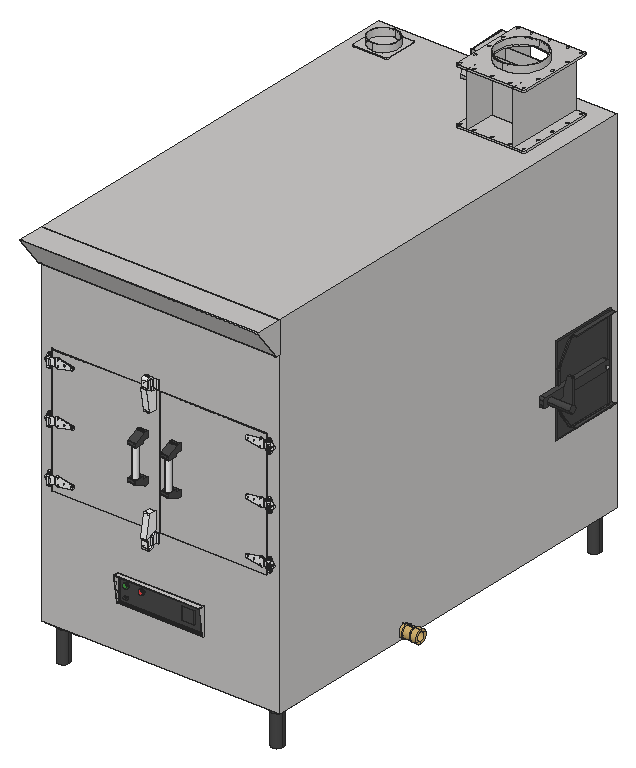
Revit family "QF_Southern Pride_SPK-1400", category Specialty Equipment, Revit 2019
Family settings
  Round Connector Dimension = Use Diameter
  Part Type = Normal
  OmniClass Number = 23.40.40.00
  OmniClass Title = Food Service Equipment and Furnishings
  Work Plane-Based = No
  Always vertical = Yes
  Cut with Voids When Loaded = No
  Shared = No
  Room Calculation Point = No
Parameters
  Width = 52.500"  # constant formula
  Weight in Pounds = 2400
  Watermarked By = ""
  Waste Water Discharge Temperature [instance] = -459.67 °F
  Volts = 120 V
  URL Cutsheet = "https://www.southernpride.com/assets/uploads/Current%20Spec%20Sheets/2016_SPK-1400_Spec%20Sheet%20120v_V3.pdf"
  URL = "www.southernpride.com"
  Status [instance] = ""
  Specification by User [instance] = ""
  Specification by Manufacturer [instance] = ""
  Show Clearance [instance] = yes
  Serial Number [instance] = ""
  Revision Code [instance] = ""
  Plumbing Remarks [instance] = ""
  Plumbing Connection Type = ""
  Phase = 1
  Optional Smoke Extractor Damper [instance] = yes
  Number of Poles [instance] = 1
  NAFEM Spec ID Number [instance] = ""
  Model = "SPK-1400"
  Mechanical Remarks [instance] = ""
  Mechanical Connection Type [instance] = ""
  Masterspec [instance] = ""
  Manufacturer = "Southern Pride"  # constant formula
  Leg Height = 8.250"  # constant formula
  Item Number [instance] = "-"
  Installed By [instance] = ""
  Indirect Waste Size = 2"
  Indirect Waste Flow [instance] = 0 GPM
  Indirect Waste Connection Type = ""
  Indirect Waste Connection Height = 9.875"
  Gas Size = 1/2"
  Gas RI Height [instance] = 0.000"
  Gas KW = 44
  Gas Input = 150000.0 Btu/h
  Gas Connection Height = 29.250"
  Furnished By [instance] = ""
  Foodservice Equipment Identifier = yes
  FL Amps = 15 A
  Electrical Remarks [instance] = ""
  Electric Connection Type = ""
  Elec Conn RI Height [instance] = 0.000"
  Elec Conn Connection Height = 47.125"
  Door Width = 47.188"  # constant formula
  Door Height = 27.875"  # constant formula
  Description = "Rotisserie Smoker, Gas-Fired Wood Burning"
  Depth = 92.750"  # constant formula
  Cycle = 60 Hz
  Contetn Creator URL = "http://foodeqsym.com/"
  Content Creator = "Foodservice Equipment Symbols, LLC"  # constant formula
  Content Created = "01/04/2023"  # constant formula
  Conn Plug = "NEMA 5-15P"
  CSI MasterFormat = "11 44 00"
  Box Height = 77.750"  # constant formula
  Assembly Code = "E1090320"
  Apparent Power = if(Phase = 3, Volts * FL Amps * 1.73, Volts * FL Amps)  # 1800 VA
Reference planes
  plane 1 "BACK": y = 0
  plane 2: z = 0
  plane 3 "LEFT": x = -747.794
  plane 4 "RIGHT": x = 963.531
  plane 5 "TOP": z = 2184.4
  plane 6 "Box Left": x = -369.969
  plane 7 "Firebox Handle Right": x = 1134.981
  plane 8 "Box Front": y = -2355.85
  plane 9 "Box Bottom": z = 209.55
  plane 10 "Vent Top": z = 2222.5
  plane 11 "Door Bottom": z = 882.65
  plane 12 "Door Top": z = 1590.675
  plane 13 "Door Left": x = -306.469
  plane 14 "Door Right": x = 892.106
  plane 15 "Door Back": y = -2330.45
  plane 16 "Center LR": x = 296.781
  plane 17 "Control Panel Left": x = 55.481
  plane 18 "Control Panel Right": x = 538.081
  plane 19 "Control Panel Left Inside": x = 58.656
  plane 20 "Control Panel Right Inside": x = 534.906
  plane 21 "Drain CL FB": y = -1492.25
  plane 22 "Gas Connection CL Elev": z = 742.95
  plane 23 "Gas Connection to Box": z = 925.512
  plane 24 "Gas Connection Bottom": z = 652.462
  plane 25 "Drain CL Elev": z = 250.825
  plane 26 "FRONT": y = -2505.075
  plane 27 "Rear Clearance": y = 457.2
  plane 28 "Front Clearance": y = -3575.05
  plane 29 "Top Clearance": z = 2641.6
  plane 30 "Gearbox Clearance": x = -827.169
  plane 31 "Firebox Side Clearance": x = 1573.131
  plane 32 "Control Panel Bottom": z = 447.675
  plane 33 "Control Panel Top": z = 600.075
  plane 34 "Access Back": y = 228.6
  plane 35 "Left Back": y = -22.225
  plane 36 "Left Middle Back": y = -657.225
  plane 37 "Left Middle Front": y = -1177.925
  plane 38 "Left Front": y = -1685.925
  plane 39 "Gas Connection CL LR": x = -576.344
  plane 40 "Electric CL Elev": z = 1196.975
  plane 41 "Fan Access Top": z = 1911.35
  plane 42 "Fan Access Bottom": z = 1435.1
Forms (mm)
  Extrusion 1, solid, material "QF_Stainless-Polished"
    sketch origin (0, 0, 0) x (1, 0, 0) y (0, 0, 1)
      loop
        line (-369.969, 2184.4) -> (-369.969, 209.55) -> (963.531, 209.55) -> (963.531, 2184.4) -> (-369.969, 2184.4)
    from 0 to 2355.85
  Extrusion 2, void
    sketch origin (0, -2330.45, 0) x (1, 0, 0) y (0, 0, 1)
      loop
        line (-311.245, 1595.45) -> (-311.245, 877.875) -> (896.881, 877.875) -> (896.881, 1595.45) -> (-311.245, 1595.45)
    from 0 to 25.4
  Extrusion 3, solid, material "QF_Stainless-Polished"
    sketch origin (-747.794, 0, 0) x (0, 1, 0) y (0, 0, 1)
      loop
        line (-22.225, 1336.675) -> (-657.225, 1336.675) -> (-657.225, 752.475) -> (-22.225, 752.475) -> (-22.225, 1336.675)
      loop
        line (-25.4, 1333.5) -> (-654.05, 1333.5) -> (-654.05, 755.65) -> (-25.4, 755.65) -> (-25.4, 1333.5)
      loop
        line (-1177.925, 1597.025) -> (-1685.925, 1597.025) -> (-1685.925, 1012.825) -> (-1177.925, 1012.825) -> (-1177.925, 1597.025)
      loop
        line (-1181.1, 1593.85) -> (-1682.75, 1593.85) -> (-1682.75, 1016) -> (-1181.1, 1016) -> (-1181.1, 1593.85)
    from 0 to 377.825
  Extrusion 4, solid, material "QF_Stainless-Polished"
    sketch origin (0, 0, 2184.4) x (0, 1, 0) y (-1, 0, 0)
      loop
        circle (-149.225, 220.744) r 79.375
      loop
        line (-50.8, 135.019) -> (-50.8, 306.469)
        arc (-50.8, 306.469) -> (-54.52, 315.45) -> (-63.5, 319.169) r 12.7
        line (-63.5, 319.169) -> (-234.95, 319.169)
        arc (-234.95, 319.169) -> (-243.93, 315.45) -> (-247.65, 306.469) r 12.7
        line (-247.65, 306.469) -> (-247.65, 135.019)
        arc (-247.65, 135.019) -> (-243.93, 126.039) -> (-234.95, 122.319) r 12.7
        line (-234.95, 122.319) -> (-63.5, 122.319)
        arc (-63.5, 122.319) -> (-54.52, 126.039) -> (-50.8, 135.019) r 12.7
    from 0 to 1.6
  Extrusion 5, solid, material "QF_Stainless-Polished"
    sketch origin (0, 0, 2184.4) x (0, 1, 0) y (-1, 0, 0)
      loop
        circle (-149.225, 220.744) r 79.375
      loop
        circle (-149.225, 220.744) r 76.2
    from 0 to 38.1
  Extrusion 6, solid, material "QF_Stainless-Polished"
    sketch origin (55.481, 0, 0) x (0, 1, 0) y (0, 0, 1)
      loop
        line (-2355.85, 447.675) -> (-2355.85, 596.9) -> (-2376.981, 596.9)
        arc (-2376.981, 596.9) -> (-2381.812, 594.671) -> (-2383.252, 589.549) r 6.35
        line (-2383.252, 589.549) -> (-2360.613, 447.675) -> (-2355.85, 447.675)
    from 0 to 3.175
  Extrusion 7, solid, material "QF_Stainless-Polished"
    sketch origin (534.906, 0, 0) x (0, 1, 0) y (0, 0, 1)
      loop
        line (-2355.85, 596.9) -> (-2376.981, 596.9)
        arc (-2376.981, 596.9) -> (-2381.812, 594.671) -> (-2383.252, 589.549) r 6.35
        line (-2383.252, 589.549) -> (-2360.613, 447.675) -> (-2355.85, 447.675) -> (-2355.85, 596.9)
    from 0 to 3.175
  Extrusion 8, solid, material "QF_Stainless-Polished"
    sketch origin (58.656, 0, 0) x (0, 1, 0) y (0, 0, 1)
      loop
        line (-2355.85, 447.675) -> (-2355.85, 600.075) -> (-2386.013, 600.075) -> (-2386.013, 598.487) -> (-2357.438, 598.487) -> (-2357.438, 447.675) -> (-2355.85, 447.675)
    from 0 to 476.25
  Extrusion 9, solid, material "QF_Plastic-Orange"
    sketch origin (0, -2355.85, 0) x (1, 0, 0) y (0, 0, 1)
      loop
        line (65.006, 587.375) -> (65.006, 460.375) -> (528.556, 460.375) -> (528.556, 587.375) -> (65.006, 587.375)
      loop
        line (68.181, 584.2) -> (68.181, 463.55) -> (525.381, 463.55) -> (525.381, 584.2) -> (68.181, 584.2)
    from 1.587 to 3.175
  Extrusion 10, solid, material "QF_Plastic-Black-Matte"
    sketch origin (0, -2355.85, 0) x (1, 0, 0) y (0, 0, 1)
      loop
        line (65.006, 587.375) -> (65.006, 460.375) -> (528.556, 460.375) -> (528.556, 587.375) -> (65.006, 587.375)
      loop
        line (68.181, 584.2) -> (68.181, 463.55) -> (525.381, 463.55) -> (525.381, 584.2) -> (68.181, 584.2)
      loop
        line (61.831, 590.55) -> (61.831, 457.2) -> (531.731, 457.2) -> (531.731, 590.55) -> (61.831, 590.55)
      loop
        circle (106.281, 552.45) r 11.113
      loop
        circle (193.593, 552.45) r 11.113
      loop
        line (99.931, 485.775) -> (112.631, 485.775)
        arc (112.631, 485.775) -> (115.806, 492.125) -> (112.631, 498.475) r 7.938
        line (112.631, 498.475) -> (99.931, 498.475)
        arc (99.931, 498.475) -> (96.756, 492.125) -> (99.931, 485.775) r 7.938
      loop
        line (488.868, 561.975) -> (417.431, 561.975) -> (417.431, 492.125) -> (488.868, 492.125) -> (488.868, 561.975)
    from 1.6 to 3.175
  Extrusion 11, solid, material "QF_Plastic-Black-Fine Textured"
    sketch origin (0, -2355.85, 0) x (1, 0, 0) y (0, 0, 1)
      loop
        line (417.431, 561.975) -> (417.431, 492.125) -> (488.868, 492.125) -> (488.868, 561.975) -> (417.431, 561.975)
    from 1.6 to 6.35
  Extrusion 12, solid, material "QF_Plastic-Black-Fine Textured"
    sketch origin (0, -2355.85, 0) x (1, 0, 0) y (0, 0, 1)
      loop
        arc (99.931, 498.475) -> (96.756, 492.125) -> (99.931, 485.775) r 7.938
        line (99.931, 485.775) -> (112.631, 485.775)
        arc (112.631, 485.775) -> (115.806, 492.125) -> (112.631, 498.475) r 7.938
        line (112.631, 498.475) -> (99.931, 498.475)
    from 1.6 to 12.7
  Extrusion 13, solid, material "QF_Plastic-Green"
    sketch origin (0, -2355.85, 0) x (1, 0, 0) y (0, 0, 1)
      loop
        circle (106.281, 552.45) r 11.112
    from 1.6 to 12.7
  Extrusion 14, solid, material "QF_Plastic-Red"
    sketch origin (0, -2355.85, 0) x (1, 0, 0) y (0, 0, 1)
      loop
        circle (193.593, 552.45) r 11.112
    from 1.6 to 12.7
  Extrusion 15, solid, material "QF_Steel-Chrome Plated"
    sketch origin (0, -2355.85, 0) x (1, 0, 0) y (0, 0, 1)
      loop
        circle (106.281, 552.45) r 11.112
      loop
        circle (106.281, 552.45) r 14.287
      loop
        circle (193.593, 552.45) r 11.112
      loop
        circle (193.593, 552.45) r 14.287
    from 3.175 to 6.35
  Revolve 16, solid, material "QF_Stainless-Polished"
    sketch origin (-576.344, -22.225, -12.7) x (0, 1, 0) y (0, 0, 1)
      loop
        line (0, 944.563) -> (17.094, 944.563) -> (17.094, 953.491) -> (10.871, 953.491) -> (10.871, 949.008) -> (0, 949.008) -> (0, 944.563)
      axis (17.094, 938.213) -> (0, 938.213)
    angle from 0 to 360
  Sweep 17, solid, material "QF_Stainless-Polished"
    path origin (-576.344, -22.225, -12.7) x (0, 1, 0) y (0, 0, 1)
      loop
        line (17.094, 938.213) -> (19.05, 938.213)
        arc (19.05, 938.213) -> (32.52, 932.633) -> (38.1, 919.163) r 19.05
        line (38.1, 919.163) -> (38.1, 915.988)
    profile origin (-576.344, -4.153, 925.512) x (0, 0, 1) y (1, 0, 0)
      loop
        circle (0, 0) r 6.35
      loop
        circle (0, 0) r 12.7
  Revolve 18, solid, material "QF_Stainless-Polished"
    sketch origin (-576.344, -22.225, 123.825) x (0, 1, 0) y (0, 0, 1)
      loop
        line (44.45, 779.462) -> (44.45, 539.105) -> (38.1, 539.105) -> (38.1, 528.637) -> (44.132, 528.637)
        arc (44.132, 528.637) -> (47.725, 530.125) -> (49.213, 533.717) r 5.08
        line (49.213, 533.717) -> (49.213, 539.105) -> (53.378, 539.105) -> (53.378, 544.185) -> (49.213, 544.185) -> (49.213, 593.725) -> (53.378, 593.725) -> (53.378, 598.805) -> (49.212, 598.805) -> (49.212, 637.857) -> (53.378, 637.857) -> (53.378, 642.937) -> (49.212, 642.937) -> (49.212, 688.203) -> (53.149, 688.203) -> (53.149, 699.175) -> (48.8, 699.175) -> (48.8, 705.167) -> (48.8, 753.808) -> (53.149, 753.808) -> (53.149, 764.781) -> (48.895, 764.781) -> (48.895, 773.239) -> (53.378, 773.239) -> (53.378, 779.462) -> (44.45, 779.462)
      axis (38.1, 779.462) -> (38.1, 528.637)
    angle from 0 to 360
  Revolve 19, solid, material "QF_Stainless-Polished"
    sketch origin (-576.344, -752.475, 793.75) x (0, 0, -1) y (0, 1, 0)
      loop
        line (57.15, 793.75) -> (57.15, 768.35) -> (60.325, 768.35) -> (60.325, 788.67) -> (66.078, 788.67) -> (66.078, 793.75) -> (57.15, 793.75)
      axis (50.8, 793.75) -> (50.8, 768.35)
    angle from 0 to 360
  Extrusion 20, solid, material "QF_Stainless-Polished"
    sketch origin (-576.344, -22.225, -285.75) x (0, 1, 0) y (0, 0, 1)
      loop
        line (22.352, 1163.383) -> (22.352, 1108.75) -> (60.452, 1108.75) -> (60.452, 1163.383) -> (22.352, 1163.383)
    from -25.121 to 25.121
  Revolve 21, solid, material "QF_Brass"
    sketch origin (0, -1492.25, 0) x (1, 0, 0) y (0, 0, 1)
      loop
        line (946.068, 276.225) -> (1060.899, 276.225) -> (1060.899, 285.872) -> (1031.971, 285.872) -> (1030.724, 281.219) -> (1023.5, 281.219) -> (1022.984, 283.144) -> (983.533, 283.144) -> (982.802, 285.872) -> (946.068, 285.872) -> (946.068, 276.225)
      axis (946.068, 250.825) -> (1060.899, 250.825)
    angle from 0 to 360
  Extrusion 22, solid, material "QF_Clearance", visible <- "Show Clearance", detail levels coarse+medium
    sketch origin (0, 0, 0) x (1, 0, 0) y (0, 1, 0)
      loop
        line (-827.169, 457.2) -> (-827.169, 228.6) -> (1573.131, 228.6) -> (1573.131, 457.2) -> (-827.169, 457.2)
    from 0 to 2184.4
  Extrusion 23, solid, material "QF_Clearance", visible <- "Show Clearance", detail levels coarse+medium
    sketch origin (0, 0, 0) x (1, 0, 0) y (0, 1, 0)
      loop
        line (-827.169, 228.6) -> (-827.169, -2355.85) -> (-747.794, -2355.85) -> (-747.794, 228.6) -> (-827.169, 228.6)
    from 0 to 2184.4
  Extrusion 24, solid, material "QF_Clearance", visible <- "Show Clearance", detail levels coarse+medium
    sketch origin (0, 0, 0) x (1, 0, 0) y (0, 1, 0)
      loop
        line (1487.406, 228.6) -> (1487.406, -2355.85) -> (1573.131, -2355.85) -> (1573.131, 228.6) -> (1487.406, 228.6)
    from 0 to 2184.4
  Extrusion 25, solid, material "QF_Clearance", visible <- "Show Clearance", detail levels coarse+medium
    sketch origin (0, 0, 0) x (1, 0, 0) y (0, 1, 0)
      loop
        line (-369.969, -3025.676) -> (-369.969, -3575.05) -> (963.531, -3575.05) -> (963.531, -3025.676) -> (-369.969, -3025.676)
    from 0 to 2184.4
  Extrusion 26, solid, material "QF_Clearance", visible <- "Show Clearance", detail levels coarse+medium
    sketch origin (-369.969, 0, 42.553) x (0, 1, 0) y (0, 0, 1)
      loop
        line (-2505.075, 2497.447) -> (0, 2497.447) -> (0, 2599.047) -> (-2505.075, 2599.047) -> (-2505.075, 2497.447)
    from 0 to 1333.5
  Extrusion 27, solid, material "QF_Stainless-Polished"
    sketch origin (-369.969, 0, 0) x (0, 1, 0) y (0, 0, 1)
      loop
        line (-2355.853, 2184.4) -> (-2505.471, 2184.4)
        arc (-2505.471, 2184.4) -> (-2506.858, 2183.598) -> (-2506.854, 2181.995) r 1.6
        line (-2506.854, 2181.995) -> (-2375.366, 2010.57)
        arc (-2375.366, 2010.57) -> (-2374.78, 2009.988) -> (-2373.983, 2009.775) r 1.6
        line (-2373.983, 2009.775) -> (-2355.853, 2009.775) -> (-2355.853, 2184.4)
    from 0 to 1333.5
  Extrusion 28, void
    sketch origin (0, -22.225, 0) x (1, 0, 0) y (0, 0, 1)
      loop
        line (-587.457, 1257.3) -> (-530.307, 1257.3)
        arc (-530.307, 1257.3) -> (-533.097, 1264.035) -> (-539.832, 1266.825) r 9.525
        line (-539.832, 1266.825) -> (-577.932, 1266.825)
        arc (-577.932, 1266.825) -> (-584.667, 1264.035) -> (-587.457, 1257.3) r 9.525
      loop
        line (-492.207, 1257.3) -> (-435.057, 1257.3)
        arc (-435.057, 1257.3) -> (-437.847, 1264.035) -> (-444.582, 1266.825) r 9.525
        line (-444.582, 1266.825) -> (-482.682, 1266.825)
        arc (-482.682, 1266.825) -> (-489.417, 1264.035) -> (-492.207, 1257.3) r 9.525
      loop
        line (-682.707, 1257.3) -> (-625.557, 1257.3)
        arc (-625.557, 1257.3) -> (-628.347, 1264.035) -> (-635.082, 1266.825) r 9.525
        line (-635.082, 1266.825) -> (-673.182, 1266.825)
        arc (-673.182, 1266.825) -> (-679.917, 1264.035) -> (-682.707, 1257.3) r 9.525
      loop
        line (-587.457, 1231.9) -> (-530.307, 1231.9)
        arc (-530.307, 1231.9) -> (-533.097, 1238.635) -> (-539.832, 1241.425) r 9.525
        line (-539.832, 1241.425) -> (-577.932, 1241.425)
        arc (-577.932, 1241.425) -> (-584.667, 1238.635) -> (-587.457, 1231.9) r 9.525
      loop
        line (-492.207, 1231.9) -> (-435.057, 1231.9)
        arc (-435.057, 1231.9) -> (-437.847, 1238.635) -> (-444.582, 1241.425) r 9.525
        line (-444.582, 1241.425) -> (-482.682, 1241.425)
        arc (-482.682, 1241.425) -> (-489.417, 1238.635) -> (-492.207, 1231.9) r 9.525
      loop
        line (-682.707, 1231.9) -> (-625.557, 1231.9)
        arc (-625.557, 1231.9) -> (-628.347, 1238.635) -> (-635.082, 1241.425) r 9.525
        line (-635.082, 1241.425) -> (-673.182, 1241.425)
        arc (-673.182, 1241.425) -> (-679.917, 1238.635) -> (-682.707, 1231.9) r 9.525
      loop
        line (-587.457, 1206.5) -> (-530.307, 1206.5)
        arc (-530.307, 1206.5) -> (-533.097, 1213.235) -> (-539.832, 1216.025) r 9.525
        line (-539.832, 1216.025) -> (-577.932, 1216.025)
        arc (-577.932, 1216.025) -> (-584.667, 1213.235) -> (-587.457, 1206.5) r 9.525
      loop
        line (-492.207, 1206.5) -> (-435.057, 1206.5)
        arc (-435.057, 1206.5) -> (-437.847, 1213.235) -> (-444.582, 1216.025) r 9.525
        line (-444.582, 1216.025) -> (-482.682, 1216.025)
        arc (-482.682, 1216.025) -> (-489.417, 1213.235) -> (-492.207, 1206.5) r 9.525
      loop
        line (-682.707, 1206.5) -> (-625.557, 1206.5)
        arc (-625.557, 1206.5) -> (-628.347, 1213.235) -> (-635.082, 1216.025) r 9.525
        line (-635.082, 1216.025) -> (-673.182, 1216.025)
        arc (-673.182, 1216.025) -> (-679.917, 1213.235) -> (-682.707, 1206.5) r 9.525
      loop
        line (-587.457, 1181.1) -> (-530.307, 1181.1)
        arc (-530.307, 1181.1) -> (-533.097, 1187.835) -> (-539.832, 1190.625) r 9.525
        line (-539.832, 1190.625) -> (-577.932, 1190.625)
        arc (-577.932, 1190.625) -> (-584.667, 1187.835) -> (-587.457, 1181.1) r 9.525
      loop
        line (-492.207, 1181.1) -> (-435.057, 1181.1)
        arc (-435.057, 1181.1) -> (-437.847, 1187.835) -> (-444.582, 1190.625) r 9.525
        line (-444.582, 1190.625) -> (-482.682, 1190.625)
        arc (-482.682, 1190.625) -> (-489.417, 1187.835) -> (-492.207, 1181.1) r 9.525
      loop
        line (-682.707, 1181.1) -> (-625.557, 1181.1)
        arc (-625.557, 1181.1) -> (-628.347, 1187.835) -> (-635.082, 1190.625) r 9.525
        line (-635.082, 1190.625) -> (-673.182, 1190.625)
        arc (-673.182, 1190.625) -> (-679.917, 1187.835) -> (-682.707, 1181.1) r 9.525
      loop
        line (-587.457, 1155.7) -> (-530.307, 1155.7)
        arc (-530.307, 1155.7) -> (-533.097, 1162.435) -> (-539.832, 1165.225) r 9.525
        line (-539.832, 1165.225) -> (-577.932, 1165.225)
        arc (-577.932, 1165.225) -> (-584.667, 1162.435) -> (-587.457, 1155.7) r 9.525
      loop
        line (-492.207, 1155.7) -> (-435.057, 1155.7)
        arc (-435.057, 1155.7) -> (-437.847, 1162.435) -> (-444.582, 1165.225) r 9.525
        line (-444.582, 1165.225) -> (-482.682, 1165.225)
        arc (-482.682, 1165.225) -> (-489.417, 1162.435) -> (-492.207, 1155.7) r 9.525
      loop
        line (-682.707, 1155.7) -> (-625.557, 1155.7)
        arc (-625.557, 1155.7) -> (-628.347, 1162.435) -> (-635.082, 1165.225) r 9.525
        line (-635.082, 1165.225) -> (-673.182, 1165.225)
        arc (-673.182, 1165.225) -> (-679.917, 1162.435) -> (-682.707, 1155.7) r 9.525
      loop
        line (-587.457, 1130.3) -> (-530.307, 1130.3)
        arc (-530.307, 1130.3) -> (-533.097, 1137.035) -> (-539.832, 1139.825) r 9.525
        line (-539.832, 1139.825) -> (-577.932, 1139.825)
        arc (-577.932, 1139.825) -> (-584.667, 1137.035) -> (-587.457, 1130.3) r 9.525
      loop
        line (-492.207, 1130.3) -> (-435.057, 1130.3)
        arc (-435.057, 1130.3) -> (-437.847, 1137.035) -> (-444.582, 1139.825) r 9.525
        line (-444.582, 1139.825) -> (-482.682, 1139.825)
        arc (-482.682, 1139.825) -> (-489.417, 1137.035) -> (-492.207, 1130.3) r 9.525
      loop
        line (-682.707, 1130.3) -> (-625.557, 1130.3)
        arc (-625.557, 1130.3) -> (-628.347, 1137.035) -> (-635.082, 1139.825) r 9.525
        line (-635.082, 1139.825) -> (-673.182, 1139.825)
        arc (-673.182, 1139.825) -> (-679.917, 1137.035) -> (-682.707, 1130.3) r 9.525
      loop
        line (-587.457, 1104.9) -> (-530.307, 1104.9)
        arc (-530.307, 1104.9) -> (-533.097, 1111.635) -> (-539.832, 1114.425) r 9.525
        line (-539.832, 1114.425) -> (-577.932, 1114.425)
        arc (-577.932, 1114.425) -> (-584.667, 1111.635) -> (-587.457, 1104.9) r 9.525
      loop
        line (-492.207, 1104.9) -> (-435.057, 1104.9)
        arc (-435.057, 1104.9) -> (-437.847, 1111.635) -> (-444.582, 1114.425) r 9.525
        line (-444.582, 1114.425) -> (-482.682, 1114.425)
        arc (-482.682, 1114.425) -> (-489.417, 1111.635) -> (-492.207, 1104.9) r 9.525
      loop
        line (-682.707, 1104.9) -> (-625.557, 1104.9)
        arc (-625.557, 1104.9) -> (-628.347, 1111.635) -> (-635.082, 1114.425) r 9.525
        line (-635.082, 1114.425) -> (-673.182, 1114.425)
        arc (-673.182, 1114.425) -> (-679.917, 1111.635) -> (-682.707, 1104.9) r 9.525
      loop
        line (-587.457, 1079.5) -> (-530.307, 1079.5)
        arc (-530.307, 1079.5) -> (-533.097, 1086.235) -> (-539.832, 1089.025) r 9.525
        line (-539.832, 1089.025) -> (-577.932, 1089.025)
        arc (-577.932, 1089.025) -> (-584.667, 1086.235) -> (-587.457, 1079.5) r 9.525
      loop
        line (-492.207, 1079.5) -> (-435.057, 1079.5)
        arc (-435.057, 1079.5) -> (-437.847, 1086.235) -> (-444.582, 1089.025) r 9.525
        line (-444.582, 1089.025) -> (-482.682, 1089.025)
        arc (-482.682, 1089.025) -> (-489.417, 1086.235) -> (-492.207, 1079.5) r 9.525
      loop
        line (-682.707, 1079.5) -> (-625.557, 1079.5)
        arc (-625.557, 1079.5) -> (-628.347, 1086.235) -> (-635.082, 1089.025) r 9.525
        line (-635.082, 1089.025) -> (-673.182, 1089.025)
        arc (-673.182, 1089.025) -> (-679.917, 1086.235) -> (-682.707, 1079.5) r 9.525
      loop
        line (-587.457, 1054.1) -> (-530.307, 1054.1)
        arc (-530.307, 1054.1) -> (-533.097, 1060.835) -> (-539.832, 1063.625) r 9.525
        line (-539.832, 1063.625) -> (-577.932, 1063.625)
        arc (-577.932, 1063.625) -> (-584.667, 1060.835) -> (-587.457, 1054.1) r 9.525
      loop
        line (-492.207, 1054.1) -> (-435.057, 1054.1)
        arc (-435.057, 1054.1) -> (-437.847, 1060.835) -> (-444.582, 1063.625) r 9.525
        line (-444.582, 1063.625) -> (-482.682, 1063.625)
        arc (-482.682, 1063.625) -> (-489.417, 1060.835) -> (-492.207, 1054.1) r 9.525
      loop
        line (-682.707, 1054.1) -> (-625.557, 1054.1)
        arc (-625.557, 1054.1) -> (-628.347, 1060.835) -> (-635.082, 1063.625) r 9.525
        line (-635.082, 1063.625) -> (-673.182, 1063.625)
        arc (-673.182, 1063.625) -> (-679.917, 1060.835) -> (-682.707, 1054.1) r 9.525
      loop
        line (-587.457, 1028.7) -> (-530.307, 1028.7)
        arc (-530.307, 1028.7) -> (-533.097, 1035.435) -> (-539.832, 1038.225) r 9.525
        line (-539.832, 1038.225) -> (-577.932, 1038.225)
        arc (-577.932, 1038.225) -> (-584.667, 1035.435) -> (-587.457, 1028.7) r 9.525
      loop
        line (-492.207, 1028.7) -> (-435.057, 1028.7)
        arc (-435.057, 1028.7) -> (-437.847, 1035.435) -> (-444.582, 1038.225) r 9.525
        line (-444.582, 1038.225) -> (-482.682, 1038.225)
        arc (-482.682, 1038.225) -> (-489.417, 1035.435) -> (-492.207, 1028.7) r 9.525
      loop
        line (-682.707, 1028.7) -> (-625.557, 1028.7)
        arc (-625.557, 1028.7) -> (-628.347, 1035.435) -> (-635.082, 1038.225) r 9.525
        line (-635.082, 1038.225) -> (-673.182, 1038.225)
        arc (-673.182, 1038.225) -> (-679.917, 1035.435) -> (-682.707, 1028.7) r 9.525
      loop
        line (-587.457, 1003.3) -> (-530.307, 1003.3)
        arc (-530.307, 1003.3) -> (-533.097, 1010.035) -> (-539.832, 1012.825) r 9.525
        line (-539.832, 1012.825) -> (-577.932, 1012.825)
        arc (-577.932, 1012.825) -> (-584.667, 1010.035) -> (-587.457, 1003.3) r 9.525
      loop
        line (-492.207, 1003.3) -> (-435.057, 1003.3)
        arc (-435.057, 1003.3) -> (-437.847, 1010.035) -> (-444.582, 1012.825) r 9.525
        line (-444.582, 1012.825) -> (-482.682, 1012.825)
        arc (-482.682, 1012.825) -> (-489.417, 1010.035) -> (-492.207, 1003.3) r 9.525
      loop
        line (-682.707, 1003.3) -> (-625.557, 1003.3)
        arc (-625.557, 1003.3) -> (-628.347, 1010.035) -> (-635.082, 1012.825) r 9.525
        line (-635.082, 1012.825) -> (-673.182, 1012.825)
        arc (-673.182, 1012.825) -> (-679.917, 1010.035) -> (-682.707, 1003.3) r 9.525
      loop
        line (-587.457, 977.9) -> (-530.307, 977.9)
        arc (-530.307, 977.9) -> (-533.097, 984.635) -> (-539.832, 987.425) r 9.525
        line (-539.832, 987.425) -> (-577.932, 987.425)
        arc (-577.932, 987.425) -> (-584.667, 984.635) -> (-587.457, 977.9) r 9.525
      loop
        line (-492.207, 977.9) -> (-435.057, 977.9)
        arc (-435.057, 977.9) -> (-437.847, 984.635) -> (-444.582, 987.425) r 9.525
        line (-444.582, 987.425) -> (-482.682, 987.425)
        arc (-482.682, 987.425) -> (-489.417, 984.635) -> (-492.207, 977.9) r 9.525
      loop
        line (-682.707, 977.9) -> (-625.557, 977.9)
        arc (-625.557, 977.9) -> (-628.347, 984.635) -> (-635.082, 987.425) r 9.525
        line (-635.082, 987.425) -> (-673.182, 987.425)
        arc (-673.182, 987.425) -> (-679.917, 984.635) -> (-682.707, 977.9) r 9.525
      loop
        line (-587.457, 952.5) -> (-530.307, 952.5)
        arc (-530.307, 952.5) -> (-533.097, 959.235) -> (-539.832, 962.025) r 9.525
        line (-539.832, 962.025) -> (-577.932, 962.025)
        arc (-577.932, 962.025) -> (-584.667, 959.235) -> (-587.457, 952.5) r 9.525
      loop
        line (-492.207, 952.5) -> (-435.057, 952.5)
        arc (-435.057, 952.5) -> (-437.847, 959.235) -> (-444.582, 962.025) r 9.525
        line (-444.582, 962.025) -> (-482.682, 962.025)
        arc (-482.682, 962.025) -> (-489.417, 959.235) -> (-492.207, 952.5) r 9.525
      loop
        line (-682.707, 952.5) -> (-625.557, 952.5)
        arc (-625.557, 952.5) -> (-628.347, 959.235) -> (-635.082, 962.025) r 9.525
        line (-635.082, 962.025) -> (-673.182, 962.025)
        arc (-673.182, 962.025) -> (-679.917, 959.235) -> (-682.707, 952.5) r 9.525
      loop
        circle (-408.069, 1196.975) r 10.477
    from 0 to 635
  Extrusion 29, void
    sketch origin (0, -1177.925, 0) x (1, 0, 0) y (0, 0, 1)
      loop
        line (-654.132, 1485.9) -> (-596.982, 1485.9)
        arc (-596.982, 1485.9) -> (-599.772, 1492.635) -> (-606.507, 1495.425) r 9.525
        line (-606.507, 1495.425) -> (-644.607, 1495.425)
        arc (-644.607, 1495.425) -> (-651.342, 1492.635) -> (-654.132, 1485.9) r 9.525
      loop
        line (-654.132, 1460.5) -> (-596.982, 1460.5)
        arc (-596.982, 1460.5) -> (-599.772, 1467.235) -> (-606.507, 1470.025) r 9.525
        line (-606.507, 1470.025) -> (-644.607, 1470.025)
        arc (-644.607, 1470.025) -> (-651.342, 1467.235) -> (-654.132, 1460.5) r 9.525
      loop
        line (-654.132, 1435.1) -> (-596.982, 1435.1)
        arc (-596.982, 1435.1) -> (-599.772, 1441.835) -> (-606.507, 1444.625) r 9.525
        line (-606.507, 1444.625) -> (-644.607, 1444.625)
        arc (-644.607, 1444.625) -> (-651.342, 1441.835) -> (-654.132, 1435.1) r 9.525
      loop
        line (-654.132, 1409.7) -> (-596.982, 1409.7)
        arc (-596.982, 1409.7) -> (-599.772, 1416.435) -> (-606.507, 1419.225) r 9.525
        line (-606.507, 1419.225) -> (-644.607, 1419.225)
        arc (-644.607, 1419.225) -> (-651.342, 1416.435) -> (-654.132, 1409.7) r 9.525
      loop
        line (-654.132, 1384.3) -> (-596.982, 1384.3)
        arc (-596.982, 1384.3) -> (-599.772, 1391.035) -> (-606.507, 1393.825) r 9.525
        line (-606.507, 1393.825) -> (-644.607, 1393.825)
        arc (-644.607, 1393.825) -> (-651.342, 1391.035) -> (-654.132, 1384.3) r 9.525
      loop
        line (-654.132, 1358.9) -> (-596.982, 1358.9)
        arc (-596.982, 1358.9) -> (-599.772, 1365.635) -> (-606.507, 1368.425) r 9.525
        line (-606.507, 1368.425) -> (-644.607, 1368.425)
        arc (-644.607, 1368.425) -> (-651.342, 1365.635) -> (-654.132, 1358.9) r 9.525
      loop
        line (-654.132, 1333.5) -> (-596.982, 1333.5)
        arc (-596.982, 1333.5) -> (-599.772, 1340.235) -> (-606.507, 1343.025) r 9.525
        line (-606.507, 1343.025) -> (-644.607, 1343.025)
        arc (-644.607, 1343.025) -> (-651.342, 1340.235) -> (-654.132, 1333.5) r 9.525
      loop
        line (-654.132, 1308.1) -> (-596.982, 1308.1)
        arc (-596.982, 1308.1) -> (-599.772, 1314.835) -> (-606.507, 1317.625) r 9.525
        line (-606.507, 1317.625) -> (-644.607, 1317.625)
        arc (-644.607, 1317.625) -> (-651.342, 1314.835) -> (-654.132, 1308.1) r 9.525
      loop
        line (-654.132, 1282.7) -> (-596.982, 1282.7)
        arc (-596.982, 1282.7) -> (-599.772, 1289.435) -> (-606.507, 1292.225) r 9.525
        line (-606.507, 1292.225) -> (-644.607, 1292.225)
        arc (-644.607, 1292.225) -> (-651.342, 1289.435) -> (-654.132, 1282.7) r 9.525
      loop
        line (-654.132, 1257.3) -> (-596.982, 1257.3)
        arc (-596.982, 1257.3) -> (-599.772, 1264.035) -> (-606.507, 1266.825) r 9.525
        line (-606.507, 1266.825) -> (-644.607, 1266.825)
        arc (-644.607, 1266.825) -> (-651.342, 1264.035) -> (-654.132, 1257.3) r 9.525
      loop
        line (-654.132, 1231.9) -> (-596.982, 1231.9)
        arc (-596.982, 1231.9) -> (-599.772, 1238.635) -> (-606.507, 1241.425) r 9.525
        line (-606.507, 1241.425) -> (-644.607, 1241.425)
        arc (-644.607, 1241.425) -> (-651.342, 1238.635) -> (-654.132, 1231.9) r 9.525
      loop
        line (-654.132, 1206.5) -> (-596.982, 1206.5)
        arc (-596.982, 1206.5) -> (-599.772, 1213.235) -> (-606.507, 1216.025) r 9.525
        line (-606.507, 1216.025) -> (-644.607, 1216.025)
        arc (-644.607, 1216.025) -> (-651.342, 1213.235) -> (-654.132, 1206.5) r 9.525
      loop
        line (-654.132, 1181.1) -> (-596.982, 1181.1)
        arc (-596.982, 1181.1) -> (-599.772, 1187.835) -> (-606.507, 1190.625) r 9.525
        line (-606.507, 1190.625) -> (-644.607, 1190.625)
        arc (-644.607, 1190.625) -> (-651.342, 1187.835) -> (-654.132, 1181.1) r 9.525
      loop
        line (-654.132, 1155.7) -> (-596.982, 1155.7)
        arc (-596.982, 1155.7) -> (-599.772, 1162.435) -> (-606.507, 1165.225) r 9.525
        line (-606.507, 1165.225) -> (-644.607, 1165.225)
        arc (-644.607, 1165.225) -> (-651.342, 1162.435) -> (-654.132, 1155.7) r 9.525
      loop
        line (-654.132, 1130.3) -> (-596.982, 1130.3)
        arc (-596.982, 1130.3) -> (-599.772, 1137.035) -> (-606.507, 1139.825) r 9.525
        line (-606.507, 1139.825) -> (-644.607, 1139.825)
        arc (-644.607, 1139.825) -> (-651.342, 1137.035) -> (-654.132, 1130.3) r 9.525
      loop
        line (-654.132, 1104.9) -> (-596.982, 1104.9)
        arc (-596.982, 1104.9) -> (-599.772, 1111.635) -> (-606.507, 1114.425) r 9.525
        line (-606.507, 1114.425) -> (-644.607, 1114.425)
        arc (-644.607, 1114.425) -> (-651.342, 1111.635) -> (-654.132, 1104.9) r 9.525
      loop
        arc (-463.632, 1485.9) -> (-466.422, 1492.635) -> (-473.157, 1495.425) r 9.525
        line (-473.157, 1495.425) -> (-511.257, 1495.425)
        arc (-511.257, 1495.425) -> (-517.992, 1492.635) -> (-520.782, 1485.9) r 9.525
        line (-520.782, 1485.9) -> (-463.632, 1485.9)
      loop
        arc (-463.632, 1460.5) -> (-466.422, 1467.235) -> (-473.157, 1470.025) r 9.525
        line (-473.157, 1470.025) -> (-511.257, 1470.025)
        arc (-511.257, 1470.025) -> (-517.992, 1467.235) -> (-520.782, 1460.5) r 9.525
        line (-520.782, 1460.5) -> (-463.632, 1460.5)
      loop
        arc (-463.632, 1435.1) -> (-466.422, 1441.835) -> (-473.157, 1444.625) r 9.525
        line (-473.157, 1444.625) -> (-511.257, 1444.625)
        arc (-511.257, 1444.625) -> (-517.992, 1441.835) -> (-520.782, 1435.1) r 9.525
        line (-520.782, 1435.1) -> (-463.632, 1435.1)
      loop
        arc (-463.632, 1409.7) -> (-466.422, 1416.435) -> (-473.157, 1419.225) r 9.525
        line (-473.157, 1419.225) -> (-511.257, 1419.225)
        arc (-511.257, 1419.225) -> (-517.992, 1416.435) -> (-520.782, 1409.7) r 9.525
        line (-520.782, 1409.7) -> (-463.632, 1409.7)
      loop
        arc (-463.632, 1384.3) -> (-466.422, 1391.035) -> (-473.157, 1393.825) r 9.525
        line (-473.157, 1393.825) -> (-511.257, 1393.825)
        arc (-511.257, 1393.825) -> (-517.992, 1391.035) -> (-520.782, 1384.3) r 9.525
        line (-520.782, 1384.3) -> (-463.632, 1384.3)
      loop
        arc (-463.632, 1358.9) -> (-466.422, 1365.635) -> (-473.157, 1368.425) r 9.525
        line (-473.157, 1368.425) -> (-511.257, 1368.425)
        arc (-511.257, 1368.425) -> (-517.992, 1365.635) -> (-520.782, 1358.9) r 9.525
        line (-520.782, 1358.9) -> (-463.632, 1358.9)
      loop
        arc (-463.632, 1333.5) -> (-466.422, 1340.235) -> (-473.157, 1343.025) r 9.525
        line (-473.157, 1343.025) -> (-511.257, 1343.025)
        arc (-511.257, 1343.025) -> (-517.992, 1340.235) -> (-520.782, 1333.5) r 9.525
        line (-520.782, 1333.5) -> (-463.632, 1333.5)
      loop
        arc (-463.632, 1308.1) -> (-466.422, 1314.835) -> (-473.157, 1317.625) r 9.525
        line (-473.157, 1317.625) -> (-511.257, 1317.625)
        arc (-511.257, 1317.625) -> (-517.992, 1314.835) -> (-520.782, 1308.1) r 9.525
        line (-520.782, 1308.1) -> (-463.632, 1308.1)
      loop
        arc (-463.632, 1282.7) -> (-466.422, 1289.435) -> (-473.157, 1292.225) r 9.525
        line (-473.157, 1292.225) -> (-511.257, 1292.225)
        arc (-511.257, 1292.225) -> (-517.992, 1289.435) -> (-520.782, 1282.7) r 9.525
        line (-520.782, 1282.7) -> (-463.632, 1282.7)
      loop
        arc (-463.632, 1257.3) -> (-466.422, 1264.035) -> (-473.157, 1266.825) r 9.525
        line (-473.157, 1266.825) -> (-511.257, 1266.825)
        arc (-511.257, 1266.825) -> (-517.992, 1264.035) -> (-520.782, 1257.3) r 9.525
        line (-520.782, 1257.3) -> (-463.632, 1257.3)
      loop
        arc (-463.632, 1231.9) -> (-466.422, 1238.635) -> (-473.157, 1241.425) r 9.525
        line (-473.157, 1241.425) -> (-511.257, 1241.425)
        arc (-511.257, 1241.425) -> (-517.992, 1238.635) -> (-520.782, 1231.9) r 9.525
        line (-520.782, 1231.9) -> (-463.632, 1231.9)
      loop
        arc (-463.632, 1206.5) -> (-466.422, 1213.235) -> (-473.157, 1216.025) r 9.525
        line (-473.157, 1216.025) -> (-511.257, 1216.025)
        arc (-511.257, 1216.025) -> (-517.992, 1213.235) -> (-520.782, 1206.5) r 9.525
        line (-520.782, 1206.5) -> (-463.632, 1206.5)
      loop
        arc (-463.632, 1181.1) -> (-466.422, 1187.835) -> (-473.157, 1190.625) r 9.525
        line (-473.157, 1190.625) -> (-511.257, 1190.625)
        arc (-511.257, 1190.625) -> (-517.992, 1187.835) -> (-520.782, 1181.1) r 9.525
        line (-520.782, 1181.1) -> (-463.632, 1181.1)
      loop
        arc (-463.632, 1155.7) -> (-466.422, 1162.435) -> (-473.157, 1165.225) r 9.525
        line (-473.157, 1165.225) -> (-511.257, 1165.225)
        arc (-511.257, 1165.225) -> (-517.992, 1162.435) -> (-520.782, 1155.7) r 9.525
        line (-520.782, 1155.7) -> (-463.632, 1155.7)
      loop
        arc (-463.632, 1130.3) -> (-466.422, 1137.035) -> (-473.157, 1139.825) r 9.525
        line (-473.157, 1139.825) -> (-511.257, 1139.825)
        arc (-511.257, 1139.825) -> (-517.992, 1137.035) -> (-520.782, 1130.3) r 9.525
        line (-520.782, 1130.3) -> (-463.632, 1130.3)
      loop
        arc (-463.632, 1104.9) -> (-466.422, 1111.635) -> (-473.157, 1114.425) r 9.525
        line (-473.157, 1114.425) -> (-511.257, 1114.425)
        arc (-511.257, 1114.425) -> (-517.992, 1111.635) -> (-520.782, 1104.9) r 9.525
        line (-520.782, 1104.9) -> (-463.632, 1104.9)
    from 0 to 508
  Extrusion 30, solid, material "QF_Stainless-Polished"
    sketch origin (-747.794, 0, 0) x (0, 1, 0) y (0, 0, 1)
      loop
        line (-1177.925, 1597.025) -> (-1685.925, 1597.025) -> (-1685.925, 1012.825) -> (-1177.925, 1012.825) -> (-1177.925, 1597.025)
      loop
        line (-22.225, 1336.675) -> (-657.225, 1336.675) -> (-657.225, 752.475) -> (-22.225, 752.475) -> (-22.225, 1336.675)
    from 0 to 3.175
  Extrusion 31, solid, material "QF_Stainless-Polished"
    sketch origin (0, 0, 0) x (1, 0, 0) y (0, 0, 1)
      loop
        line (4.681, 1911.35) -> (4.681, 1435.1) -> (588.881, 1435.1) -> (588.881, 1911.35) -> (4.681, 1911.35)
      loop
        line (585.706, 1908.175) -> (7.856, 1908.175) -> (7.856, 1438.275) -> (585.706, 1438.275) -> (585.706, 1908.175)
    from 0 to -228.6
  Extrusion 32, solid, material "QF_Stainless-Polished"
    sketch origin (0, 228.6, 0) x (1, 0, 0) y (0, 0, 1)
      loop
        line (588.881, 1911.35) -> (4.681, 1911.35) -> (4.681, 1435.1) -> (588.881, 1435.1) -> (588.881, 1911.35)
    from 0 to 3.175
Cuts and joins
  Extrusion 2 cuts Extrusion 1
  joined: Extrusion 4, Extrusion 5
  Extrusion 28, Extrusion 29 cuts Extrusion 3
  joined: Extrusion 3, Extrusion 30
  joined: Extrusion 31, Extrusion 32
Lines and regions (mm)
  symbolic lines
    curve 1: line (-369.969, 0, 2184.4) -> (963.531, 0, 2184.4)
    curve 2: line (-369.969, -2507.068, 2184.4) -> (-369.969, 0, 2184.4)
    curve 3: line (963.531, -2507.068, 2184.4) -> (-369.969, -2507.068, 2184.4)
    curve 4: line (963.531, 0, 2184.4) -> (963.531, -2507.068, 2184.4)
    curve 5: line (-369.969, -2355.85, 2184.4) -> (963.531, -2355.85, 2184.4)
    curve 6: line (-747.794, -22.225, 2184.4) -> (-747.794, -657.225, 2184.4)
    curve 7: arc (-220.744, -73.025, 2184.4) -> (-144.544, -149.225, 2184.4) -> (-220.744, -225.425, 2184.4) r 76.2
    curve 8: arc (-220.744, -225.425, 2184.4) -> (-296.944, -149.225, 2184.4) -> (-220.744, -73.025, 2184.4) r 76.2
    curve 9: line (-135.019, -50.8, 2184.4) -> (-306.469, -50.8, 2184.4)
    curve 10: arc (-306.469, -50.8, 2184.4) -> (-315.45, -54.52, 2184.4) -> (-319.169, -63.5, 2184.4) r 12.7
    curve 11: line (-319.169, -63.5, 2184.4) -> (-319.169, -234.95, 2184.4)
    curve 12: arc (-122.319, -63.5, 2184.4) -> (-126.039, -54.52, 2184.4) -> (-135.019, -50.8, 2184.4) r 12.7
    curve 13: line (-122.319, -234.95, 2184.4) -> (-122.319, -63.5, 2184.4)
    curve 14: arc (-135.019, -247.65, 2184.4) -> (-126.039, -243.93, 2184.4) -> (-122.319, -234.95, 2184.4) r 12.7
    curve 15: line (-306.469, -247.65, 2184.4) -> (-135.019, -247.65, 2184.4)
    curve 16: arc (-319.169, -234.95, 2184.4) -> (-315.45, -243.93, 2184.4) -> (-306.469, -247.65, 2184.4) r 12.7
    curve 17: line (982.802, -1527.297, 925.512) -> (982.802, -1457.203, 925.512)
    curve 18: line (982.802, -1457.203, 925.512) -> (963.531, -1457.203, 925.512)
    curve 19: line (1031.971, -1459.931, 925.512) -> (982.802, -1459.931, 925.512)
    curve 20: line (1060.899, -1457.203, 925.512) -> (1031.971, -1457.203, 925.512)
    curve 21: line (982.802, -1527.297, 925.512) -> (963.531, -1527.297, 925.512)
    curve 22: line (1031.971, -1524.569, 925.512) -> (982.802, -1524.569, 925.512)
    curve 23: line (1060.899, -1527.297, 925.512) -> (1031.971, -1527.297, 925.512)
    curve 24: line (1060.899, -1457.203, 925.512) -> (1060.899, -1527.297, 925.512)
    curve 25: line (-591.623, -11.354, 925.512) -> (-561.066, -11.354, 925.512)
    curve 26: line (-561.066, -11.354, 925.512) -> (-561.066, -5.131, 925.512)
    curve 27: line (-561.066, -5.131, 925.512) -> (-591.623, -5.131, 925.512)
    curve 28: line (-591.623, -5.131, 925.512) -> (-591.623, -11.354, 925.512)
    curve 29: line (-587.139, -11.354, 925.512) -> (-587.139, -22.225, 925.512)
    curve 30: line (-565.549, -11.354, 925.512) -> (-565.549, -22.225, 925.512)
    curve 31: arc (-563.644, 7.382, 925.512) -> (-576.344, 31.153, 925.512) -> (-589.044, 7.382, 925.512) r 15.278
    curve 32: line (-589.044, -5.131, 925.512) -> (-589.044, 7.382, 925.512)
    curve 33: line (-563.644, -5.131, 925.512) -> (-563.644, 7.382, 925.512)
    curve 34: line (-601.465, 38.227, 925.512) -> (-551.224, 38.227, 925.512)
    curve 35: line (-551.224, 38.227, 925.512) -> (-551.224, 0.127, 925.512)
    curve 36: line (-551.224, 0.127, 925.512) -> (-563.644, 0.127, 925.512)
    curve 37: line (-601.465, 38.227, 925.512) -> (-601.465, 0.127, 925.512)
    curve 38: line (-601.465, 0.127, 925.512) -> (-589.044, 0.127, 925.512)
    curve 39: arc (-597.299, 56.528, 925.512) -> (-605.25, 48.577, 925.512) -> (-597.299, 40.627, 925.512) r 7.95
    curve 40: arc (-555.389, 40.627, 925.512) -> (-547.439, 48.577, 925.512) -> (-555.389, 56.528, 925.512) r 7.95
    curve 41: line (-568.293, 58.737, 925.512) -> (-584.396, 58.737, 925.512)
    curve 42: line (-597.299, 56.528, 925.512) -> (-584.396, 56.528, 925.512)
    curve 43: line (-555.389, 56.528, 925.512) -> (-568.293, 56.528, 925.512)
    curve 44: line (-584.396, 58.737, 925.512) -> (-584.396, 38.227, 925.512)
    curve 45: line (-568.293, 58.737, 925.512) -> (-568.293, 38.227, 925.512)
    curve 46: line (-597.299, 40.627, 925.512) -> (-584.396, 40.627, 925.512)
    curve 47: line (-555.389, 40.627, 925.512) -> (-568.293, 40.627, 925.512)
    curve 52: line (1031.971, -1457.203, 0) -> (1031.971, -1527.297, 0)
    curve 53: line (-747.794, -22.225, 0) -> (-369.969, -22.225, 0)
    curve 54: line (-747.794, -657.225, 0) -> (-369.969, -657.225, 0)
    curve 55: line (-369.969, -1177.925, 0) -> (-747.794, -1177.925, 0)
    curve 56: line (-747.794, -1685.925, 0) -> (-369.969, -1685.925, 0)
    curve 57: line (-747.794, -1685.925, 0) -> (-747.794, -1177.925, 0)
  symbolic lines, style "QF_Clearances_Proximity", visible <- "Show Clearance", detail levels coarse+medium
    curve 48: line (-827.169, -2355.85, 0) -> (-827.169, 457.2, 0)
    curve 49: line (-827.169, 457.2, 0) -> (1573.131, 457.2, 0)
    curve 50: line (1573.131, 457.2, 0) -> (1573.131, -2355.85, 0)
    curve 51: line (-369.969, -3575.05, 0) -> (963.531, -3575.05, 0)
Dimensions and locks
  locked: plane 3 "LEFT" to plane 6 "Box Left" at 377.825
  locked: plane 4 "RIGHT" to plane 7 "Firebox Handle Right" at 171.45
  "Width": plane 6 "Box Left" to plane 4 "RIGHT"
  locked: plane 10 "Vent Top" to plane 5 "TOP" at 38.1
  "Leg Height": plane 9 "Box Bottom" to level
  "Box Height": plane 5 "TOP" to plane 9 "Box Bottom"
  locked: plane 11 "Door Bottom" to plane 9 "Box Bottom" at 673.1
  "Door Height": plane 12 "Door Top" to plane 11 "Door Bottom"
  locked: plane 6 "Box Left" to plane 13 "Door Left" at 63.5
  "Door Width": plane 13 "Door Left" to plane 14 "Door Right"
  locked: plane 8 "Box Front" to plane 15 "Door Back" at 25.4
  locked: Extrusion 2 sketch curve to plane 12 "Door Top" at 4.775
  locked: plane 11 "Door Bottom" to Extrusion 2 sketch curve at 4.775
  locked: plane 13 "Door Left" to Extrusion 2 sketch curve at 4.775
  locked: plane 14 "Door Right" to Extrusion 2 sketch curve at 4.775
  locked: plane 6 "Box Left" to nested 4 at 68.263
  locked: nested 4 to plane 1 "BACK" at 68.263
  locked: plane 8 "Box Front" to nested 2 at 68.262
  locked: plane 6 "Box Left" to nested 2 at 68.263
  locked: nested 3 to plane 4 "RIGHT" at 68.262
  locked: plane 8 "Box Front" to nested 3 at 68.262
  locked: nested 5 to plane 1 "BACK" at 68.263
  locked: nested 5 to plane 4 "RIGHT" at 68.262
  equal spacing: plane 6 "Box Left", plane 16 "Center LR", plane 4 "RIGHT"
  plane 17 "Control Panel Left" to plane 16 "Center LR" to plane 18 "Control Panel Right" = 9.500" locked, 9.500" locked
  locked: plane 17 "Control Panel Left" to plane 19 "Control Panel Left Inside" at 3.175
  locked: plane 20 "Control Panel Right Inside" to plane 18 "Control Panel Right" at 3.175
  locked: plane 22 "Gas Connection CL Elev" to plane 9 "Box Bottom" at 533.4
  locked: plane 23 "Gas Connection to Box" to plane 22 "Gas Connection CL Elev" at 182.563
  locked: plane 23 "Gas Connection to Box" to plane 24 "Gas Connection Bottom" at 273.05
  locked: plane 25 "Drain CL Elev" to plane 9 "Box Bottom" at 41.275
  locked: plane 1 "BACK" to plane 27 "Rear Clearance" at 457.2
  locked: plane 28 "Front Clearance" to plane 8 "Box Front" at 1219.2
  locked: plane 29 "Top Clearance" to plane 5 "TOP" at 457.2
  locked: plane 30 "Gearbox Clearance" to plane 6 "Box Left" at 457.2
  locked: plane 4 "RIGHT" to plane 31 "Firebox Side Clearance" at 609.6
  plane 29 "Top Clearance" to Extrusion 26 sketch curve = 4.000"
  locked: plane 32 "Control Panel Bottom" to plane 9 "Box Bottom" at 238.125
  locked: plane 33 "Control Panel Top" to plane 32 "Control Panel Bottom" at 152.4
  locked: plane 33 "Control Panel Top" to Extrusion 8 sketch curve at 1.588
  locked: plane 8 "Box Front" to Extrusion 8 sketch curve at 1.587
  locked: plane 8 "Box Front" to Extrusion 8 sketch curve at 30.162
  locked: plane 33 "Control Panel Top" to Extrusion 6 sketch curve at 3.175
  locked: plane 33 "Control Panel Top" to Extrusion 6 sketch curve at 10.526
  locked: plane 8 "Box Front" to Extrusion 6 sketch curve at 4.763
  plane 8 "Box Front" to Extrusion 6 sketch curve to Extrusion 6 sketch curve = 0.83194" locked, 0.24688" locked
  locked: plane 33 "Control Panel Top" to Extrusion 7 sketch curve at 3.175
  locked: plane 33 "Control Panel Top" to Extrusion 7 sketch curve at 10.526
  locked: plane 8 "Box Front" to Extrusion 7 sketch curve at 4.763
  plane 8 "Box Front" to Extrusion 7 sketch curve to Extrusion 7 sketch curve = 0.83194" locked, 0.24688" locked
  Extrusion 10 sketch curve to Extrusion 10 sketch curve to Extrusion 10 sketch curve to plane 19 "Control Panel Left Inside" = 0.125" locked, 0.125" locked, 0.125" locked
  plane 20 "Control Panel Right Inside" to Extrusion 10 sketch curve to Extrusion 10 sketch curve to Extrusion 10 sketch curve = 0.125" locked, 0.125" locked, 0.125" locked
  plane 20 "Control Panel Right Inside" to Extrusion 10 sketch curve to Extrusion 10 sketch curve = 1.8125" locked, 2.8125" locked
  Extrusion 10 sketch curve to Extrusion 10 sketch curve to plane 19 "Control Panel Left Inside" = 0.500" locked, 1.625" locked  (x2)
  locked: Extrusion 10 sketch curve to plane 19 "Control Panel Left Inside" at 47.625
  locked: Extrusion 10 sketch curve to plane 19 "Control Panel Left Inside" at 134.937
  plane 33 "Control Panel Top" to Extrusion 10 sketch curve to Extrusion 10 sketch curve to Extrusion 10 sketch curve = 0.375" locked, 0.125" locked, 0.125" locked
  Extrusion 10 sketch curve to Extrusion 10 sketch curve to Extrusion 10 sketch curve to plane 32 "Control Panel Bottom" = 0.125" locked, 0.125" locked, 0.375" locked
  locked: plane 33 "Control Panel Top" to Extrusion 10 sketch curve at 47.625  (x2)
  Extrusion 10 sketch curve to Extrusion 10 sketch curve to plane 32 "Control Panel Bottom" = 0.500" locked, 1.500" locked
  plane 33 "Control Panel Top" to Extrusion 10 sketch curve to Extrusion 10 sketch curve = 1.500" locked, 2.750" locked
  Extrusion 12 sketch curve to Extrusion 12 sketch curve to plane 19 "Control Panel Left Inside" = 0.500" locked, 1.625" locked  (x2)
  Extrusion 12 sketch curve to Extrusion 12 sketch curve to plane 32 "Control Panel Bottom" = 0.500" locked, 1.500" locked
  plane 33 "Control Panel Top" to Extrusion 11 sketch curve to Extrusion 11 sketch curve = 1.500" locked, 2.750" locked
  plane 20 "Control Panel Right Inside" to Extrusion 11 sketch curve to Extrusion 11 sketch curve = 1.8125" locked, 2.8125" locked
  locked: Extrusion 15 sketch curve to plane 19 "Control Panel Left Inside" at 47.625  (x2)
  locked: Extrusion 15 sketch curve to plane 19 "Control Panel Left Inside" at 134.938  (x2)
  locked: plane 33 "Control Panel Top" to Extrusion 15 sketch curve at 47.625  (x4)
  locked: Extrusion 13 sketch curve to plane 19 "Control Panel Left Inside" at 47.625
  locked: plane 33 "Control Panel Top" to Extrusion 13 sketch curve at 47.625
  locked: plane 33 "Control Panel Top" to Extrusion 14 sketch curve at 47.625
  locked: Extrusion 14 sketch curve to plane 19 "Control Panel Left Inside" at 134.937
  locked: Extrusion 24 sketch curve to plane 31 "Firebox Side Clearance" at 85.725
  "Depth": plane 8 "Box Front" to plane 1 "BACK"
  locked: plane 8 "Box Front" to plane 21 "Drain CL FB" at 863.6
  locked: plane 26 "FRONT" to plane 8 "Box Front" at 149.225
  locked: nested 6 to plane 1 "BACK" at 63.5
  locked: plane 1 "BACK" to nested 7 at 311.15
  Extrusion 23 to Extrusion 26 = 100.000"
  plane 23 "Gas Connection to Box" to Revolve 18 sketch curve to Revolve 18 sketch curve to Revolve 18 sketch curve to Revolve 18 sketch curve to Revolve 18 sketch curve to Revolve 18 sketch curve = 0.875" locked, 0.245" locked, 0.333" locked, 0.432" locked, 2.15091" locked, 0.432" locked
  Revolve 18 sketch curve to Revolve 18 sketch curve to Revolve 18 sketch curve to Revolve 18 sketch curve to Revolve 18 sketch curve to Revolve 18 sketch curve to Revolve 18 sketch curve to plane 24 "Gas Connection Bottom" = 0.200" locked, 1.5375" locked, 0.200" locked, 1.95041" locked, 0.200" locked, 0.21209" locked, 0.200" locked
  plane 33 "Control Panel Top" to Extrusion 9 sketch curve to Extrusion 9 sketch curve = 0.500" locked, 0.125" locked
  plane 20 "Control Panel Right Inside" to Extrusion 9 sketch curve to Extrusion 9 sketch curve = 0.250" locked, 0.125" locked
  Extrusion 9 sketch curve to Extrusion 9 sketch curve to plane 19 "Control Panel Left Inside" = 0.125" locked, 0.250" locked
  Extrusion 9 sketch curve to Extrusion 9 sketch curve to plane 32 "Control Panel Bottom" = 0.125" locked, 0.500" locked
  locked: plane 1 "BACK" to plane 34 "Access Back" at 228.6
  locked: plane 4 "RIGHT" to nested 7 at 285.75
  locked: plane 4 "RIGHT" to Revolve 21 sketch curve at 17.463
  Revolve 21 sketch curve to Revolve 21 sketch curve to Revolve 21 sketch curve to Revolve 21 sketch curve to Revolve 21 sketch curve to Revolve 21 sketch curve to Revolve 21 sketch curve to plane 4 "RIGHT" = 1.13891" locked, 0.04909" locked, 0.28439" locked, 0.02031" locked, 1.55322" locked, 0.02878" locked, 0.7587" locked
  locked: plane 35 "Left Back" to plane 1 "BACK" at 22.225
  locked: plane 36 "Left Middle Back" to plane 35 "Left Back" at 635
  locked: plane 37 "Left Middle Front" to plane 36 "Left Middle Back" at 520.7
  locked: plane 38 "Left Front" to plane 37 "Left Middle Front" at 508
  locked: plane 3 "LEFT" to plane 39 "Gas Connection CL LR" at 171.45
  locked: plane 40 "Electric CL Elev" to plane 9 "Box Bottom" at 987.425
  locked: plane 5 "TOP" to plane 41 "Fan Access Top" at 273.05
  locked: plane 41 "Fan Access Top" to plane 42 "Fan Access Bottom" at 476.25
  locked: Extrusion 31 sketch curve to plane 41 "Fan Access Top" at 3.175
  locked: plane 42 "Fan Access Bottom" to Extrusion 31 sketch curve at 3.175
  locked: Extrusion 31 sketch curve to plane 16 "Center LR" at 292.1
  locked: Extrusion 31 sketch curve to Extrusion 31 sketch curve at 3.175  (x2)
  locked: plane 16 "Center LR" to Extrusion 31 sketch curve at 292.1
  Extrusion 32 sketch curve to plane 16 "Center LR" to Extrusion 32 sketch curve = 11.500" locked, 11.500" locked
  aligned and locked: level to plane 2
  aligned and locked: Extrusion 1 sketch curve to plane 5 "TOP"
  aligned and locked: plane 6 "Box Left" to Extrusion 1 sketch curve
  aligned and locked: plane 9 "Box Bottom" to Extrusion 1 sketch curve
  aligned and locked: Extrusion 1 sketch curve to plane 4 "RIGHT"
  aligned and locked: plane 8 "Box Front" to Extrusion 1
  aligned and locked: plane 8 "Box Front" to Extrusion 2
  aligned and locked: plane 11 "Door Bottom" to nested 1
  aligned and locked: plane 13 "Door Left" to nested 1
  aligned and locked: plane 6 "Box Left" to Extrusion 3
  aligned and locked: plane 10 "Vent Top" to Extrusion 5
  aligned and locked: plane 19 "Control Panel Left Inside" to Extrusion 6
  aligned and locked: Extrusion 7 sketch curve to plane 8 "Box Front"
  aligned and locked: plane 18 "Control Panel Right" to Extrusion 7
  aligned and locked: Extrusion 6 sketch curve to plane 8 "Box Front"
  aligned and locked: Extrusion 8 sketch curve to plane 8 "Box Front"
  aligned and locked: plane 20 "Control Panel Right Inside" to Extrusion 8
  aligned and locked: plane 1 "BACK" to curve 1
  aligned and locked: plane 6 "Box Left" to curve 2
  aligned and locked: curve 4 to plane 4 "RIGHT"
  aligned and locked: plane 6 "Box Left" to curve 5
  aligned and locked: plane 4 "RIGHT" to curve 5
  aligned and locked: plane 8 "Box Front" to curve 5
  aligned and locked: curve 6 to plane 3 "LEFT"
  aligned and locked: plane 5 "TOP" to nested 7
  aligned and locked: plane 27 "Rear Clearance" to Extrusion 22 sketch curve
  aligned and locked: plane 30 "Gearbox Clearance" to Extrusion 22 sketch curve
  aligned and locked: Extrusion 22 sketch curve to plane 31 "Firebox Side Clearance"
  aligned and locked: Extrusion 23 to plane 30 "Gearbox Clearance"
  aligned and locked: plane 8 "Box Front" to Extrusion 23
  aligned and locked: Extrusion 24 sketch curve to plane 8 "Box Front"
  aligned and locked: Extrusion 24 sketch curve to plane 31 "Firebox Side Clearance"
  aligned and locked: Extrusion 25 sketch curve to plane 28 "Front Clearance"
  aligned and locked: plane 4 "RIGHT" to Extrusion 25 sketch curve
  aligned and locked: Extrusion 25 sketch curve to plane 6 "Box Left"
  aligned and locked: plane 1 "BACK" to Extrusion 26 sketch curve
  aligned and locked: Extrusion 26 sketch curve to plane 26 "FRONT"
  aligned and locked: plane 4 "RIGHT" to Extrusion 26
  aligned and locked: plane 5 "TOP" to Extrusion 22
  aligned and locked: plane 5 "TOP" to Extrusion 24
  aligned and locked: plane 5 "TOP" to Extrusion 23
  aligned and locked: plane 5 "TOP" to Extrusion 25
  aligned and locked: plane 27 "Rear Clearance" to curve 49
  aligned and locked: plane 8 "Box Front" to curve 48
  aligned and locked: plane 8 "Box Front" to curve 50
  aligned and locked: curve 51 to plane 6 "Box Left"
  aligned and locked: curve 51 to plane 4 "RIGHT"
  aligned and locked: plane 28 "Front Clearance" to curve 51
  aligned and locked: plane 30 "Gearbox Clearance" to curve 48
  aligned and locked: curve 50 to plane 31 "Firebox Side Clearance"
  aligned and locked: Extrusion 8 sketch curve to plane 33 "Control Panel Top"
  aligned and locked: plane 32 "Control Panel Bottom" to Extrusion 8 sketch curve
  aligned and locked: Extrusion 6 sketch curve to plane 32 "Control Panel Bottom"
  aligned and locked: plane 32 "Control Panel Bottom" to Extrusion 7 sketch curve
  aligned and locked: plane 4 "RIGHT" to nested 6
  aligned and locked: plane 14 "Door Right" to nested 8
  aligned and locked: nested 8 to plane 11 "Door Bottom"
  aligned and locked: nested 8 to plane 12 "Door Top"
  aligned and locked: Extrusion 27 sketch curve to plane 5 "TOP"
  aligned and locked: plane 4 "RIGHT" to Extrusion 27
  aligned and locked: nested 1 to plane 8 "Box Front"
  aligned and locked: plane 8 "Box Front" to nested 8
  aligned and locked: Extrusion 22 sketch curve to plane 34 "Access Back"
  aligned and locked: plane 29 "Top Clearance" to Extrusion 26
  aligned and locked: plane 34 "Access Back" to Extrusion 23 sketch curve
  aligned and locked: plane 34 "Access Back" to Extrusion 24 sketch curve
  aligned and locked: Extrusion 23 sketch curve to plane 3 "LEFT"
  aligned and locked: Extrusion 3 to Extrusion 28
  aligned and locked: Extrusion 30 sketch curve to plane 36 "Left Middle Back"
  aligned and locked: plane 37 "Left Middle Front" to Extrusion 30 sketch curve
  aligned and locked: plane 35 "Left Back" to Extrusion 30 sketch curve
  aligned and locked: Extrusion 30 sketch curve to plane 38 "Left Front"
  aligned and locked: Extrusion 3 sketch curve to plane 38 "Left Front"
  aligned and locked: plane 41 "Fan Access Top" to Extrusion 31 sketch curve
  aligned and locked: Extrusion 31 sketch curve to plane 42 "Fan Access Bottom"
  aligned and locked: Extrusion 31 to plane 34 "Access Back"
  aligned and locked: plane 42 "Fan Access Bottom" to Extrusion 32 sketch curve
  aligned and locked: Extrusion 32 sketch curve to plane 41 "Fan Access Top"
Automatic sketch dimensions
  Extrusion 3 sketch curve to plane 37 "Left Middle Front" = 0.000"
  Extrusion 3 sketch curve to plane 36 "Left Middle Back" = 0.000"
  Extrusion 3 sketch curve to plane 35 "Left Back" = 0.000"
  plane 37 "Left Middle Front" to Extrusion 3 sketch curve = 0.125"
  Extrusion 3 sketch curve to Extrusion 3 sketch curve = 0.125"  (x5)
  Extrusion 3 sketch curve to plane 36 "Left Middle Back" = 0.125"
  plane 35 "Left Back" to Extrusion 3 sketch curve = 0.125"
  Extrusion 3 sketch curve to plane 23 "Gas Connection to Box" = 6.6875"
  Extrusion 3 sketch curve to plane 12 "Door Top" = 10.125"
  plane 12 "Door Top" to Extrusion 3 sketch curve = 0.125"
  Extrusion 4 sketch curve to plane 13 "Door Left" = 0.000"  (x2)
